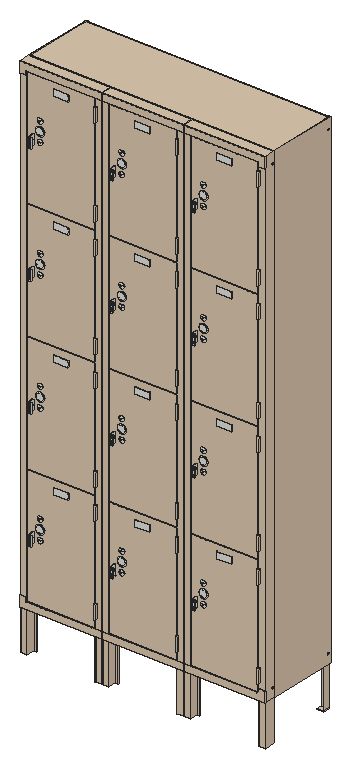
Revit family "Metal_Vented_Lockers-Salsbury_Industries-74000_Series-3_Wide_Units", category Specialty Equipment, Revit 2026 (continued)
Definition of nested family "Vents"
  Lines and regions (in)
    model lines
      curve 31: spline (-0.12218, 0, 57.67429) -> (-0.10447, 0, 57.64516) -> (-0.08514, 0, 57.62073) -> (-0.06447, 0, 57.60137) -> (-0.04279, 0, 57.58739) -> (-0.02043, 0, 57.57899) -> (0.00227, 0, 57.57632) -> (0.02496, 0, 57.5794) -> (0.04728, 0, 57.58819) -> (0.0689, 0, 57.60255) -> (0.08949, 0, 57.62227) -> (0.10872, 0, 57.64705) -> (0.1263, 0, 57.67649)
      curve 32: line (-0.12218, 0, 57.67429) -> (-0.3738, 0, 58.32638)
      curve 33: line (0.1263, 0, 57.67649) -> (0.37669, 0, 58.32565)
      curve 34: spline (-0.12232, 0, 58.97811) -> (-0.1046, 0, 59.0074) -> (-0.08525, 0, 59.03198) -> (-0.06455, 0, 59.05144) -> (-0.04284, 0, 59.0655) -> (-0.02044, 0, 59.07394) -> (0.00229, 0, 59.07663) -> (0.02501, 0, 59.07353) -> (0.04737, 0, 59.06468) -> (0.06902, 0, 59.05022) -> (0.08963, 0, 59.03038) -> (0.10888, 0, 59.00545) -> (0.12647, 0, 58.97583)
      curve 35: line (-0.12232, 0, 58.97811) -> (-0.3738, 0, 58.32638)
      curve 36: line (0.12647, 0, 58.97583) -> (0.37669, 0, 58.32565)
      curve 37: spline (-0.12218, 0, 55.93729) -> (-0.10447, 0, 55.90816) -> (-0.08514, 0, 55.88373) -> (-0.06447, 0, 55.86437) -> (-0.04279, 0, 55.85039) -> (-0.02043, 0, 55.84199) -> (0.00227, 0, 55.83932) -> (0.02496, 0, 55.8424) -> (0.04728, 0, 55.85119) -> (0.0689, 0, 55.86555) -> (0.08949, 0, 55.88527) -> (0.10872, 0, 55.91005) -> (0.1263, 0, 55.93949)
      curve 38: line (-0.12218, 0, 55.93729) -> (-0.3738, 0, 56.58938)
      curve 39: line (0.1263, 0, 55.93949) -> (0.37669, 0, 56.58865)
      curve 40: spline (-0.12232, 0, 57.24111) -> (-0.1046, 0, 57.2704) -> (-0.08525, 0, 57.29498) -> (-0.06455, 0, 57.31444) -> (-0.04284, 0, 57.3285) -> (-0.02044, 0, 57.33694) -> (0.00229, 0, 57.33963) -> (0.02501, 0, 57.33653) -> (0.04737, 0, 57.32768) -> (0.06902, 0, 57.31322) -> (0.08963, 0, 57.29338) -> (0.10888, 0, 57.26845) -> (0.12647, 0, 57.23883)
      curve 41: line (-0.12232, 0, 57.24111) -> (-0.3738, 0, 56.58938)
      curve 42: line (0.12647, 0, 57.23883) -> (0.37669, 0, 56.58865)
      curve 43: spline (-0.12218, 0, 54.20029) -> (-0.10447, 0, 54.17116) -> (-0.08514, 0, 54.14673) -> (-0.06447, 0, 54.12737) -> (-0.04279, 0, 54.11339) -> (-0.02043, 0, 54.10499) -> (0.00227, 0, 54.10232) -> (0.02496, 0, 54.1054) -> (0.04728, 0, 54.11419) -> (0.0689, 0, 54.12855) -> (0.08949, 0, 54.14827) -> (0.10872, 0, 54.17305) -> (0.1263, 0, 54.20249)
      curve 44: line (-0.12218, 0, 54.20029) -> (-0.3738, 0, 54.85238)
      curve 45: line (0.1263, 0, 54.20249) -> (0.37669, 0, 54.85165)
      curve 46: spline (-0.12232, 0, 55.50411) -> (-0.1046, 0, 55.5334) -> (-0.08525, 0, 55.55798) -> (-0.06455, 0, 55.57744) -> (-0.04284, 0, 55.5915) -> (-0.02044, 0, 55.59994) -> (0.00229, 0, 55.60263) -> (0.02501, 0, 55.59953) -> (0.04737, 0, 55.59068) -> (0.06902, 0, 55.57622) -> (0.08963, 0, 55.55638) -> (0.10888, 0, 55.53145) -> (0.12647, 0, 55.50183)
      curve 47: line (-0.12232, 0, 55.50411) -> (-0.3738, 0, 54.85238)
      curve 48: line (0.12647, 0, 55.50183) -> (0.37669, 0, 54.85165)
      curve 49: spline (-0.12218, 0, 52.46329) -> (-0.10447, 0, 52.43416) -> (-0.08514, 0, 52.40973) -> (-0.06447, 0, 52.39037) -> (-0.04279, 0, 52.37639) -> (-0.02043, 0, 52.36799) -> (0.00227, 0, 52.36532) -> (0.02496, 0, 52.3684) -> (0.04728, 0, 52.37719) -> (0.0689, 0, 52.39155) -> (0.08949, 0, 52.41127) -> (0.10872, 0, 52.43605) -> (0.1263, 0, 52.46549)
      curve 50: line (-0.12218, 0, 52.46329) -> (-0.3738, 0, 53.11538)
      curve 51: line (0.1263, 0, 52.46549) -> (0.37669, 0, 53.11465)
      curve 52: spline (-0.12232, 0, 53.76711) -> (-0.1046, 0, 53.7964) -> (-0.08525, 0, 53.82098) -> (-0.06455, 0, 53.84044) -> (-0.04284, 0, 53.8545) -> (-0.02044, 0, 53.86294) -> (0.00229, 0, 53.86563) -> (0.02501, 0, 53.86253) -> (0.04737, 0, 53.85368) -> (0.06902, 0, 53.83922) -> (0.08963, 0, 53.81938) -> (0.10888, 0, 53.79445) -> (0.12647, 0, 53.76483)
      curve 53: line (-0.12232, 0, 53.76711) -> (-0.3738, 0, 53.11538)
      curve 54: line (0.12647, 0, 53.76483) -> (0.37669, 0, 53.11465)
      curve 55: spline (-0.12218, 0, 50.72629) -> (-0.10447, 0, 50.69716) -> (-0.08514, 0, 50.67273) -> (-0.06447, 0, 50.65337) -> (-0.04279, 0, 50.63939) -> (-0.02043, 0, 50.63099) -> (0.00227, 0, 50.62832) -> (0.02496, 0, 50.6314) -> (0.04728, 0, 50.64019) -> (0.0689, 0, 50.65455) -> (0.08949, 0, 50.67427) -> (0.10872, 0, 50.69905) -> (0.1263, 0, 50.72849)
      curve 56: line (-0.12218, 0, 50.72629) -> (-0.3738, 0, 51.37838)
      curve 57: line (0.1263, 0, 50.72849) -> (0.37669, 0, 51.37765)
      curve 58: spline (-0.12232, 0, 52.03011) -> (-0.1046, 0, 52.0594) -> (-0.08525, 0, 52.08398) -> (-0.06455, 0, 52.10344) -> (-0.04284, 0, 52.1175) -> (-0.02044, 0, 52.12594) -> (0.00229, 0, 52.12863) -> (0.02501, 0, 52.12553) -> (0.04737, 0, 52.11668) -> (0.06902, 0, 52.10222) -> (0.08963, 0, 52.08238) -> (0.10888, 0, 52.05745) -> (0.12647, 0, 52.02783)
      curve 59: line (-0.12232, 0, 52.03011) -> (-0.3738, 0, 51.37838)
      curve 60: line (0.12647, 0, 52.02783) -> (0.37669, 0, 51.37765)
      curve 61: spline (-0.12218, 0, 48.98929) -> (-0.10447, 0, 48.96016) -> (-0.08514, 0, 48.93573) -> (-0.06447, 0, 48.91637) -> (-0.04279, 0, 48.90239) -> (-0.02043, 0, 48.89399) -> (0.00227, 0, 48.89132) -> (0.02496, 0, 48.8944) -> (0.04728, 0, 48.90319) -> (0.0689, 0, 48.91755) -> (0.08949, 0, 48.93727) -> (0.10872, 0, 48.96205) -> (0.1263, 0, 48.99149)
      curve 62: line (-0.12218, 0, 48.98929) -> (-0.3738, 0, 49.64138)
      curve 63: line (0.1263, 0, 48.99149) -> (0.37669, 0, 49.64065)
      curve 64: spline (-0.12232, 0, 50.29311) -> (-0.1046, 0, 50.3224) -> (-0.08525, 0, 50.34698) -> (-0.06455, 0, 50.36644) -> (-0.04284, 0, 50.3805) -> (-0.02044, 0, 50.38894) -> (0.00229, 0, 50.39163) -> (0.02501, 0, 50.38853) -> (0.04737, 0, 50.37968) -> (0.06902, 0, 50.36522) -> (0.08963, 0, 50.34538) -> (0.10888, 0, 50.32045) -> (0.12647, 0, 50.29083)
      curve 65: line (-0.12232, 0, 50.29311) -> (-0.3738, 0, 49.64138)
      curve 66: line (0.12647, 0, 50.29083) -> (0.37669, 0, 49.64065)
      curve 67: spline (-0.12218, 0, 47.25229) -> (-0.10447, 0, 47.22316) -> (-0.08514, 0, 47.19873) -> (-0.06447, 0, 47.17937) -> (-0.04279, 0, 47.16539) -> (-0.02043, 0, 47.15699) -> (0.00227, 0, 47.15432) -> (0.02496, 0, 47.1574) -> (0.04728, 0, 47.16619) -> (0.0689, 0, 47.18055) -> (0.08949, 0, 47.20027) -> (0.10872, 0, 47.22505) -> (0.1263, 0, 47.25449)
      curve 68: line (-0.12218, 0, 47.25229) -> (-0.3738, 0, 47.90438)
      curve 69: line (0.1263, 0, 47.25449) -> (0.37669, 0, 47.90365)
      curve 70: spline (-0.12232, 0, 48.55611) -> (-0.1046, 0, 48.5854) -> (-0.08525, 0, 48.60998) -> (-0.06455, 0, 48.62944) -> (-0.04284, 0, 48.6435) -> (-0.02044, 0, 48.65194) -> (0.00229, 0, 48.65463) -> (0.02501, 0, 48.65153) -> (0.04737, 0, 48.64268) -> (0.06902, 0, 48.62822) -> (0.08963, 0, 48.60838) -> (0.10888, 0, 48.58345) -> (0.12647, 0, 48.55383)
      curve 71: line (-0.12232, 0, 48.55611) -> (-0.3738, 0, 47.90438)
      curve 72: line (0.12647, 0, 48.55383) -> (0.37669, 0, 47.90365)
      curve 73: spline (-0.12218, 0, 45.51529) -> (-0.10447, 0, 45.48616) -> (-0.08514, 0, 45.46173) -> (-0.06447, 0, 45.44237) -> (-0.04279, 0, 45.42839) -> (-0.02043, 0, 45.41999) -> (0.00227, 0, 45.41732) -> (0.02496, 0, 45.4204) -> (0.04728, 0, 45.42919) -> (0.0689, 0, 45.44355) -> (0.08949, 0, 45.46327) -> (0.10872, 0, 45.48805) -> (0.1263, 0, 45.51749)
      curve 74: line (-0.12218, 0, 45.51529) -> (-0.3738, 0, 46.16738)
      curve 75: line (0.1263, 0, 45.51749) -> (0.37669, 0, 46.16665)
      curve 76: spline (-0.12232, 0, 46.81911) -> (-0.1046, 0, 46.8484) -> (-0.08525, 0, 46.87298) -> (-0.06455, 0, 46.89244) -> (-0.04284, 0, 46.9065) -> (-0.02044, 0, 46.91494) -> (0.00229, 0, 46.91763) -> (0.02501, 0, 46.91453) -> (0.04737, 0, 46.90568) -> (0.06902, 0, 46.89122) -> (0.08963, 0, 46.87138) -> (0.10888, 0, 46.84645) -> (0.12647, 0, 46.81683)
      curve 77: line (-0.12232, 0, 46.81911) -> (-0.3738, 0, 46.16738)
      curve 78: line (0.12647, 0, 46.81683) -> (0.37669, 0, 46.16665)
      curve 79: spline (-0.12218, 0, 43.77829) -> (-0.10447, 0, 43.74916) -> (-0.08514, 0, 43.72473) -> (-0.06447, 0, 43.70537) -> (-0.04279, 0, 43.69139) -> (-0.02043, 0, 43.68299) -> (0.00227, 0, 43.68032) -> (0.02496, 0, 43.6834) -> (0.04728, 0, 43.69219) -> (0.0689, 0, 43.70655) -> (0.08949, 0, 43.72627) -> (0.10872, 0, 43.75105) -> (0.1263, 0, 43.78049)
      curve 80: line (-0.12218, 0, 43.77829) -> (-0.3738, 0, 44.43038)
      curve 81: line (0.1263, 0, 43.78049) -> (0.37669, 0, 44.42965)
      curve 82: spline (-0.12232, 0, 45.08211) -> (-0.1046, 0, 45.1114) -> (-0.08525, 0, 45.13598) -> (-0.06455, 0, 45.15544) -> (-0.04284, 0, 45.1695) -> (-0.02044, 0, 45.17794) -> (0.00229, 0, 45.18063) -> (0.02501, 0, 45.17753) -> (0.04737, 0, 45.16868) -> (0.06902, 0, 45.15422) -> (0.08963, 0, 45.13438) -> (0.10888, 0, 45.10945) -> (0.12647, 0, 45.07983)
      curve 83: line (-0.12232, 0, 45.08211) -> (-0.3738, 0, 44.43038)
      curve 84: line (0.12647, 0, 45.07983) -> (0.37669, 0, 44.42965)
      curve 85: spline (-0.12218, 0, 42.04129) -> (-0.10447, 0, 42.01216) -> (-0.08514, 0, 41.98773) -> (-0.06447, 0, 41.96837) -> (-0.04279, 0, 41.95439) -> (-0.02043, 0, 41.94599) -> (0.00227, 0, 41.94332) -> (0.02496, 0, 41.9464) -> (0.04728, 0, 41.95519) -> (0.0689, 0, 41.96955) -> (0.08949, 0, 41.98927) -> (0.10872, 0, 42.01405) -> (0.1263, 0, 42.04349)
      curve 86: line (-0.12218, 0, 42.04129) -> (-0.3738, 0, 42.69338)
      curve 87: line (0.1263, 0, 42.04349) -> (0.37669, 0, 42.69265)
      curve 88: spline (-0.12232, 0, 43.34511) -> (-0.1046, 0, 43.3744) -> (-0.08525, 0, 43.39898) -> (-0.06455, 0, 43.41844) -> (-0.04284, 0, 43.4325) -> (-0.02044, 0, 43.44094) -> (0.00229, 0, 43.44363) -> (0.02501, 0, 43.44053) -> (0.04737, 0, 43.43168) -> (0.06902, 0, 43.41722) -> (0.08963, 0, 43.39738) -> (0.10888, 0, 43.37245) -> (0.12647, 0, 43.34283)
      curve 89: line (-0.12232, 0, 43.34511) -> (-0.3738, 0, 42.69338)
      curve 90: line (0.12647, 0, 43.34283) -> (0.37669, 0, 42.69265)
      curve 91: spline (-0.12218, 0, 40.30429) -> (-0.10447, 0, 40.27516) -> (-0.08514, 0, 40.25073) -> (-0.06447, 0, 40.23137) -> (-0.04279, 0, 40.21739) -> (-0.02043, 0, 40.20899) -> (0.00227, 0, 40.20632) -> (0.02496, 0, 40.2094) -> (0.04728, 0, 40.21819) -> (0.0689, 0, 40.23255) -> (0.08949, 0, 40.25227) -> (0.10872, 0, 40.27705) -> (0.1263, 0, 40.30649)
      curve 92: line (-0.12218, 0, 40.30429) -> (-0.3738, 0, 40.95638)
      curve 93: line (0.1263, 0, 40.30649) -> (0.37669, 0, 40.95565)
      curve 94: spline (-0.12232, 0, 41.60811) -> (-0.1046, 0, 41.6374) -> (-0.08525, 0, 41.66198) -> (-0.06455, 0, 41.68144) -> (-0.04284, 0, 41.6955) -> (-0.02044, 0, 41.70394) -> (0.00229, 0, 41.70663) -> (0.02501, 0, 41.70353) -> (0.04737, 0, 41.69468) -> (0.06902, 0, 41.68022) -> (0.08963, 0, 41.66038) -> (0.10888, 0, 41.63545) -> (0.12647, 0, 41.60583)
      curve 95: line (-0.12232, 0, 41.60811) -> (-0.3738, 0, 40.95638)
      curve 96: line (0.12647, 0, 41.60583) -> (0.37669, 0, 40.95565)
      curve 97: spline (-0.12218, 0, 38.56729) -> (-0.10447, 0, 38.53816) -> (-0.08514, 0, 38.51373) -> (-0.06447, 0, 38.49437) -> (-0.04279, 0, 38.48039) -> (-0.02043, 0, 38.47199) -> (0.00227, 0, 38.46932) -> (0.02496, 0, 38.4724) -> (0.04728, 0, 38.48119) -> (0.0689, 0, 38.49555) -> (0.08949, 0, 38.51527) -> (0.10872, 0, 38.54005) -> (0.1263, 0, 38.56949)
      curve 98: line (-0.12218, 0, 38.56729) -> (-0.3738, 0, 39.21938)
      curve 99: line (0.1263, 0, 38.56949) -> (0.37669, 0, 39.21865)
      curve 100: spline (-0.12232, 0, 39.87111) -> (-0.1046, 0, 39.9004) -> (-0.08525, 0, 39.92498) -> (-0.06455, 0, 39.94444) -> (-0.04284, 0, 39.9585) -> (-0.02044, 0, 39.96694) -> (0.00229, 0, 39.96963) -> (0.02501, 0, 39.96653) -> (0.04737, 0, 39.95768) -> (0.06902, 0, 39.94322) -> (0.08963, 0, 39.92338) -> (0.10888, 0, 39.89845) -> (0.12647, 0, 39.86883)
      curve 101: line (-0.12232, 0, 39.87111) -> (-0.3738, 0, 39.21938)
      curve 102: line (0.12647, 0, 39.86883) -> (0.37669, 0, 39.21865)
      curve 103: spline (-0.12218, 0, 36.83029) -> (-0.10447, 0, 36.80116) -> (-0.08514, 0, 36.77673) -> (-0.06447, 0, 36.75737) -> (-0.04279, 0, 36.74339) -> (-0.02043, 0, 36.73499) -> (0.00227, 0, 36.73232) -> (0.02496, 0, 36.7354) -> (0.04728, 0, 36.74419) -> (0.0689, 0, 36.75855) -> (0.08949, 0, 36.77827) -> (0.10872, 0, 36.80305) -> (0.1263, 0, 36.83249)
      curve 104: line (-0.12218, 0, 36.83029) -> (-0.3738, 0, 37.48238)
      curve 105: line (0.1263, 0, 36.83249) -> (0.37669, 0, 37.48165)
      curve 106: spline (-0.12232, 0, 38.13411) -> (-0.1046, 0, 38.1634) -> (-0.08525, 0, 38.18798) -> (-0.06455, 0, 38.20744) -> (-0.04284, 0, 38.2215) -> (-0.02044, 0, 38.22994) -> (0.00229, 0, 38.23263) -> (0.02501, 0, 38.22953) -> (0.04737, 0, 38.22068) -> (0.06902, 0, 38.20622) -> (0.08963, 0, 38.18638) -> (0.10888, 0, 38.16145) -> (0.12647, 0, 38.13183)
      curve 107: line (-0.12232, 0, 38.13411) -> (-0.3738, 0, 37.48238)
      curve 108: line (0.12647, 0, 38.13183) -> (0.37669, 0, 37.48165)
      curve 109: spline (-0.12218, 0, 35.09329) -> (-0.10447, 0, 35.06416) -> (-0.08514, 0, 35.03973) -> (-0.06447, 0, 35.02037) -> (-0.04279, 0, 35.00639) -> (-0.02043, 0, 34.99799) -> (0.00227, 0, 34.99532) -> (0.02496, 0, 34.9984) -> (0.04728, 0, 35.00719) -> (0.0689, 0, 35.02155) -> (0.08949, 0, 35.04127) -> (0.10872, 0, 35.06605) -> (0.1263, 0, 35.09549)
      curve 110: line (-0.12218, 0, 35.09329) -> (-0.3738, 0, 35.74538)
      curve 111: line (0.1263, 0, 35.09549) -> (0.37669, 0, 35.74465)
      curve 112: spline (-0.12232, 0, 36.39711) -> (-0.1046, 0, 36.4264) -> (-0.08525, 0, 36.45098) -> (-0.06455, 0, 36.47044) -> (-0.04284, 0, 36.4845) -> (-0.02044, 0, 36.49294) -> (0.00229, 0, 36.49563) -> (0.02501, 0, 36.49253) -> (0.04737, 0, 36.48368) -> (0.06902, 0, 36.46922) -> (0.08963, 0, 36.44938) -> (0.10888, 0, 36.42445) -> (0.12647, 0, 36.39483)
      curve 113: line (-0.12232, 0, 36.39711) -> (-0.3738, 0, 35.74538)
      curve 114: line (0.12647, 0, 36.39483) -> (0.37669, 0, 35.74465)
      curve 115: spline (-0.12218, 0, 33.35629) -> (-0.10447, 0, 33.32716) -> (-0.08514, 0, 33.30273) -> (-0.06447, 0, 33.28337) -> (-0.04279, 0, 33.26939) -> (-0.02043, 0, 33.26099) -> (0.00227, 0, 33.25832) -> (0.02496, 0, 33.2614) -> (0.04728, 0, 33.27019) -> (0.0689, 0, 33.28455) -> (0.08949, 0, 33.30427) -> (0.10872, 0, 33.32905) -> (0.1263, 0, 33.35849)
      curve 116: line (-0.12218, 0, 33.35629) -> (-0.3738, 0, 34.00838)
      curve 117: line (0.1263, 0, 33.35849) -> (0.37669, 0, 34.00765)
      curve 118: spline (-0.12232, 0, 34.66011) -> (-0.1046, 0, 34.6894) -> (-0.08525, 0, 34.71398) -> (-0.06455, 0, 34.73344) -> (-0.04284, 0, 34.7475) -> (-0.02044, 0, 34.75594) -> (0.00229, 0, 34.75863) -> (0.02501, 0, 34.75553) -> (0.04737, 0, 34.74668) -> (0.06902, 0, 34.73222) -> (0.08963, 0, 34.71238) -> (0.10888, 0, 34.68745) -> (0.12647, 0, 34.65783)
      curve 119: line (-0.12232, 0, 34.66011) -> (-0.3738, 0, 34.00838)
      curve 120: line (0.12647, 0, 34.65783) -> (0.37669, 0, 34.00765)
      curve 121: spline (-0.12218, 0, 31.61929) -> (-0.10447, 0, 31.59016) -> (-0.08514, 0, 31.56573) -> (-0.06447, 0, 31.54637) -> (-0.04279, 0, 31.53239) -> (-0.02043, 0, 31.52399) -> (0.00227, 0, 31.52132) -> (0.02496, 0, 31.5244) -> (0.04728, 0, 31.53319) -> (0.0689, 0, 31.54755) -> (0.08949, 0, 31.56727) -> (0.10872, 0, 31.59205) -> (0.1263, 0, 31.62149)
      curve 122: line (-0.12218, 0, 31.61929) -> (-0.3738, 0, 32.27138)
      curve 123: line (0.1263, 0, 31.62149) -> (0.37669, 0, 32.27065)
      curve 124: spline (-0.12232, 0, 32.92311) -> (-0.1046, 0, 32.9524) -> (-0.08525, 0, 32.97698) -> (-0.06455, 0, 32.99644) -> (-0.04284, 0, 33.0105) -> (-0.02044, 0, 33.01894) -> (0.00229, 0, 33.02163) -> (0.02501, 0, 33.01853) -> (0.04737, 0, 33.00968) -> (0.06902, 0, 32.99522) -> (0.08963, 0, 32.97538) -> (0.10888, 0, 32.95045) -> (0.12647, 0, 32.92083)
      curve 125: line (-0.12232, 0, 32.92311) -> (-0.3738, 0, 32.27138)
      curve 126: line (0.12647, 0, 32.92083) -> (0.37669, 0, 32.27065)
      curve 127: spline (-0.12218, 0, 29.88229) -> (-0.10447, 0, 29.85316) -> (-0.08514, 0, 29.82873) -> (-0.06447, 0, 29.80937) -> (-0.04279, 0, 29.79539) -> (-0.02043, 0, 29.78699) -> (0.00227, 0, 29.78432) -> (0.02496, 0, 29.7874) -> (0.04728, 0, 29.79619) -> (0.0689, 0, 29.81055) -> (0.08949, 0, 29.83027) -> (0.10872, 0, 29.85505) -> (0.1263, 0, 29.88449)
      curve 128: line (-0.12218, 0, 29.88229) -> (-0.3738, 0, 30.53438)
      curve 129: line (0.1263, 0, 29.88449) -> (0.37669, 0, 30.53365)
      curve 130: spline (-0.12232, 0, 31.18611) -> (-0.1046, 0, 31.2154) -> (-0.08525, 0, 31.23998) -> (-0.06455, 0, 31.25944) -> (-0.04284, 0, 31.2735) -> (-0.02044, 0, 31.28194) -> (0.00229, 0, 31.28463) -> (0.02501, 0, 31.28153) -> (0.04737, 0, 31.27268) -> (0.06902, 0, 31.25822) -> (0.08963, 0, 31.23838) -> (0.10888, 0, 31.21345) -> (0.12647, 0, 31.18383)
      curve 131: line (-0.12232, 0, 31.18611) -> (-0.3738, 0, 30.53438)
      curve 132: line (0.12647, 0, 31.18383) -> (0.37669, 0, 30.53365)
      curve 133: spline (-0.12218, 0, 28.14529) -> (-0.10447, 0, 28.11616) -> (-0.08514, 0, 28.09173) -> (-0.06447, 0, 28.07237) -> (-0.04279, 0, 28.05839) -> (-0.02043, 0, 28.04999) -> (0.00227, 0, 28.04732) -> (0.02496, 0, 28.0504) -> (0.04728, 0, 28.05919) -> (0.0689, 0, 28.07355) -> (0.08949, 0, 28.09327) -> (0.10872, 0, 28.11805) -> (0.1263, 0, 28.14749)
      curve 134: line (-0.12218, 0, 28.14529) -> (-0.3738, 0, 28.79738)
      curve 135: line (0.1263, 0, 28.14749) -> (0.37669, 0, 28.79665)
      curve 136: spline (-0.12232, 0, 29.44911) -> (-0.1046, 0, 29.4784) -> (-0.08525, 0, 29.50298) -> (-0.06455, 0, 29.52244) -> (-0.04284, 0, 29.5365) -> (-0.02044, 0, 29.54494) -> (0.00229, 0, 29.54763) -> (0.02501, 0, 29.54453) -> (0.04737, 0, 29.53568) -> (0.06902, 0, 29.52122) -> (0.08963, 0, 29.50138) -> (0.10888, 0, 29.47645) -> (0.12647, 0, 29.44683)
      curve 137: line (-0.12232, 0, 29.44911) -> (-0.3738, 0, 28.79738)
      curve 138: line (0.12647, 0, 29.44683) -> (0.37669, 0, 28.79665)
      curve 139: spline (-0.12218, 0, 26.40829) -> (-0.10447, 0, 26.37916) -> (-0.08514, 0, 26.35473) -> (-0.06447, 0, 26.33537) -> (-0.04279, 0, 26.32139) -> (-0.02043, 0, 26.31299) -> (0.00227, 0, 26.31032) -> (0.02496, 0, 26.3134) -> (0.04728, 0, 26.32219) -> (0.0689, 0, 26.33655) -> (0.08949, 0, 26.35627) -> (0.10872, 0, 26.38105) -> (0.1263, 0, 26.41049)
      curve 140: line (-0.12218, 0, 26.40829) -> (-0.3738, 0, 27.06038)
      curve 141: line (0.1263, 0, 26.41049) -> (0.37669, 0, 27.05965)
      curve 142: spline (-0.12232, 0, 27.71211) -> (-0.1046, 0, 27.7414) -> (-0.08525, 0, 27.76598) -> (-0.06455, 0, 27.78544) -> (-0.04284, 0, 27.7995) -> (-0.02044, 0, 27.80794) -> (0.00229, 0, 27.81063) -> (0.02501, 0, 27.80753) -> (0.04737, 0, 27.79868) -> (0.06902, 0, 27.78422) -> (0.08963, 0, 27.76438) -> (0.10888, 0, 27.73945) -> (0.12647, 0, 27.70983)
      curve 143: line (-0.12232, 0, 27.71211) -> (-0.3738, 0, 27.06038)
      curve 144: line (0.12647, 0, 27.70983) -> (0.37669, 0, 27.05965)
      curve 145: spline (-0.12218, 0, 24.67129) -> (-0.10447, 0, 24.64216) -> (-0.08514, 0, 24.61773) -> (-0.06447, 0, 24.59837) -> (-0.04279, 0, 24.58439) -> (-0.02043, 0, 24.57599) -> (0.00227, 0, 24.57332) -> (0.02496, 0, 24.5764) -> (0.04728, 0, 24.58519) -> (0.0689, 0, 24.59955) -> (0.08949, 0, 24.61927) -> (0.10872, 0, 24.64405) -> (0.1263, 0, 24.67349)
      curve 146: line (-0.12218, 0, 24.67129) -> (-0.3738, 0, 25.32338)
      curve 147: line (0.1263, 0, 24.67349) -> (0.37669, 0, 25.32265)
      curve 148: spline (-0.12232, 0, 25.97511) -> (-0.1046, 0, 26.0044) -> (-0.08525, 0, 26.02898) -> (-0.06455, 0, 26.04844) -> (-0.04284, 0, 26.0625) -> (-0.02044, 0, 26.07094) -> (0.00229, 0, 26.07363) -> (0.02501, 0, 26.07053) -> (0.04737, 0, 26.06168) -> (0.06902, 0, 26.04722) -> (0.08963, 0, 26.02738) -> (0.10888, 0, 26.00245) -> (0.12647, 0, 25.97283)
      curve 149: line (-0.12232, 0, 25.97511) -> (-0.3738, 0, 25.32338)
      curve 150: line (0.12647, 0, 25.97283) -> (0.37669, 0, 25.32265)
      curve 151: spline (-0.12218, 0, 22.93429) -> (-0.10447, 0, 22.90516) -> (-0.08514, 0, 22.88073) -> (-0.06447, 0, 22.86137) -> (-0.04279, 0, 22.84739) -> (-0.02043, 0, 22.83899) -> (0.00227, 0, 22.83632) -> (0.02496, 0, 22.8394) -> (0.04728, 0, 22.84819) -> (0.0689, 0, 22.86255) -> (0.08949, 0, 22.88227) -> (0.10872, 0, 22.90705) -> (0.1263, 0, 22.93649)
      curve 152: line (-0.12218, 0, 22.93429) -> (-0.3738, 0, 23.58638)
      curve 153: line (0.1263, 0, 22.93649) -> (0.37669, 0, 23.58565)
      curve 154: spline (-0.12232, 0, 24.23811) -> (-0.1046, 0, 24.2674) -> (-0.08525, 0, 24.29198) -> (-0.06455, 0, 24.31144) -> (-0.04284, 0, 24.3255) -> (-0.02044, 0, 24.33394) -> (0.00229, 0, 24.33663) -> (0.02501, 0, 24.33353) -> (0.04737, 0, 24.32468) -> (0.06902, 0, 24.31022) -> (0.08963, 0, 24.29038) -> (0.10888, 0, 24.26545) -> (0.12647, 0, 24.23583)
      curve 155: line (-0.12232, 0, 24.23811) -> (-0.3738, 0, 23.58638)
      curve 156: line (0.12647, 0, 24.23583) -> (0.37669, 0, 23.58565)
      curve 157: spline (-0.12218, 0, 21.19729) -> (-0.10447, 0, 21.16816) -> (-0.08514, 0, 21.14373) -> (-0.06447, 0, 21.12437) -> (-0.04279, 0, 21.11039) -> (-0.02043, 0, 21.10199) -> (0.00227, 0, 21.09932) -> (0.02496, 0, 21.1024) -> (0.04728, 0, 21.11119) -> (0.0689, 0, 21.12555) -> (0.08949, 0, 21.14527) -> (0.10872, 0, 21.17005) -> (0.1263, 0, 21.19949)
      curve 158: line (-0.12218, 0, 21.19729) -> (-0.3738, 0, 21.84938)
      curve 159: line (0.1263, 0, 21.19949) -> (0.37669, 0, 21.84865)
      curve 160: spline (-0.12232, 0, 22.50111) -> (-0.1046, 0, 22.5304) -> (-0.08525, 0, 22.55498) -> (-0.06455, 0, 22.57444) -> (-0.04284, 0, 22.5885) -> (-0.02044, 0, 22.59694) -> (0.00229, 0, 22.59963) -> (0.02501, 0, 22.59653) -> (0.04737, 0, 22.58768) -> (0.06902, 0, 22.57322) -> (0.08963, 0, 22.55338) -> (0.10888, 0, 22.52845) -> (0.12647, 0, 22.49883)
      curve 161: line (-0.12232, 0, 22.50111) -> (-0.3738, 0, 21.84938)
      curve 162: line (0.12647, 0, 22.49883) -> (0.37669, 0, 21.84865)
      curve 163: spline (-0.12218, 0, 19.46029) -> (-0.10447, 0, 19.43116) -> (-0.08514, 0, 19.40673) -> (-0.06447, 0, 19.38737) -> (-0.04279, 0, 19.37339) -> (-0.02043, 0, 19.36499) -> (0.00227, 0, 19.36232) -> (0.02496, 0, 19.3654) -> (0.04728, 0, 19.37419) -> (0.0689, 0, 19.38855) -> (0.08949, 0, 19.40827) -> (0.10872, 0, 19.43305) -> (0.1263, 0, 19.46249)
      curve 164: line (-0.12218, 0, 19.46029) -> (-0.3738, 0, 20.11238)
      curve 165: line (0.1263, 0, 19.46249) -> (0.37669, 0, 20.11165)
      curve 166: spline (-0.12232, 0, 20.76411) -> (-0.1046, 0, 20.7934) -> (-0.08525, 0, 20.81798) -> (-0.06455, 0, 20.83744) -> (-0.04284, 0, 20.8515) -> (-0.02044, 0, 20.85994) -> (0.00229, 0, 20.86263) -> (0.02501, 0, 20.85953) -> (0.04737, 0, 20.85068) -> (0.06902, 0, 20.83622) -> (0.08963, 0, 20.81638) -> (0.10888, 0, 20.79145) -> (0.12647, 0, 20.76183)
      curve 167: line (-0.12232, 0, 20.76411) -> (-0.3738, 0, 20.11238)
      curve 168: line (0.12647, 0, 20.76183) -> (0.37669, 0, 20.11165)
      curve 197: spline (-0.12218, 0, 17.72329) -> (-0.10447, 0, 17.69416) -> (-0.08514, 0, 17.66973) -> (-0.06447, 0, 17.65037) -> (-0.04279, 0, 17.63639) -> (-0.02043, 0, 17.62799) -> (0.00227, 0, 17.62532) -> (0.02496, 0, 17.6284) -> (0.04728, 0, 17.63719) -> (0.0689, 0, 17.65155) -> (0.08949, 0, 17.67127) -> (0.10872, 0, 17.69605) -> (0.1263, 0, 17.72549)
      curve 198: line (-0.12218, 0, 17.72329) -> (-0.3738, 0, 18.37538)
      curve 199: line (0.1263, 0, 17.72549) -> (0.37669, 0, 18.37465)
      curve 200: spline (-0.12232, 0, 19.02711) -> (-0.1046, 0, 19.0564) -> (-0.08525, 0, 19.08098) -> (-0.06455, 0, 19.10044) -> (-0.04284, 0, 19.1145) -> (-0.02044, 0, 19.12294) -> (0.00229, 0, 19.12563) -> (0.02501, 0, 19.12253) -> (0.04737, 0, 19.11368) -> (0.06902, 0, 19.09922) -> (0.08963, 0, 19.07938) -> (0.10888, 0, 19.05445) -> (0.12647, 0, 19.02483)
      curve 201: line (-0.12232, 0, 19.02711) -> (-0.3738, 0, 18.37538)
      curve 202: line (0.12647, 0, 19.02483) -> (0.37669, 0, 18.37465)
      curve 204: spline (-0.12218, 0, 15.98629) -> (-0.10447, 0, 15.95716) -> (-0.08514, 0, 15.93273) -> (-0.06447, 0, 15.91337) -> (-0.04279, 0, 15.89939) -> (-0.02043, 0, 15.89099) -> (0.00227, 0, 15.88832) -> (0.02496, 0, 15.8914) -> (0.04728, 0, 15.90019) -> (0.0689, 0, 15.91455) -> (0.08949, 0, 15.93427) -> (0.10872, 0, 15.95905) -> (0.1263, 0, 15.98849)
      curve 205: line (-0.12218, 0, 15.98629) -> (-0.3738, 0, 16.63838)
      curve 206: line (0.1263, 0, 15.98849) -> (0.37669, 0, 16.63765)
      curve 207: spline (-0.12232, 0, 17.29011) -> (-0.1046, 0, 17.3194) -> (-0.08525, 0, 17.34398) -> (-0.06455, 0, 17.36344) -> (-0.04284, 0, 17.3775) -> (-0.02044, 0, 17.38594) -> (0.00229, 0, 17.38863) -> (0.02501, 0, 17.38553) -> (0.04737, 0, 17.37668) -> (0.06902, 0, 17.36222) -> (0.08963, 0, 17.34238) -> (0.10888, 0, 17.31745) -> (0.12647, 0, 17.28783)
      curve 208: line (-0.12232, 0, 17.29011) -> (-0.3738, 0, 16.63838)
      curve 209: line (0.12647, 0, 17.28783) -> (0.37669, 0, 16.63765)
      curve 211: spline (-0.12218, 0, 14.24929) -> (-0.10447, 0, 14.22016) -> (-0.08514, 0, 14.19573) -> (-0.06447, 0, 14.17637) -> (-0.04279, 0, 14.16239) -> (-0.02043, 0, 14.15399) -> (0.00227, 0, 14.15132) -> (0.02496, 0, 14.1544) -> (0.04728, 0, 14.16319) -> (0.0689, 0, 14.17755) -> (0.08949, 0, 14.19727) -> (0.10872, 0, 14.22205) -> (0.1263, 0, 14.25149)
      curve 212: line (-0.12218, 0, 14.24929) -> (-0.3738, 0, 14.90138)
      curve 213: line (0.1263, 0, 14.25149) -> (0.37669, 0, 14.90065)
      curve 214: spline (-0.12232, 0, 15.55311) -> (-0.1046, 0, 15.5824) -> (-0.08525, 0, 15.60698) -> (-0.06455, 0, 15.62644) -> (-0.04284, 0, 15.6405) -> (-0.02044, 0, 15.64894) -> (0.00229, 0, 15.65163) -> (0.02501, 0, 15.64853) -> (0.04737, 0, 15.63968) -> (0.06902, 0, 15.62522) -> (0.08963, 0, 15.60538) -> (0.10888, 0, 15.58045) -> (0.12647, 0, 15.55083)
      curve 215: line (-0.12232, 0, 15.55311) -> (-0.3738, 0, 14.90138)
      curve 216: line (0.12647, 0, 15.55083) -> (0.37669, 0, 14.90065)
      curve 218: spline (-0.12218, 0, 12.51229) -> (-0.10447, 0, 12.48316) -> (-0.08514, 0, 12.45873) -> (-0.06447, 0, 12.43937) -> (-0.04279, 0, 12.42539) -> (-0.02043, 0, 12.41699) -> (0.00227, 0, 12.41432) -> (0.02496, 0, 12.4174) -> (0.04728, 0, 12.42619) -> (0.0689, 0, 12.44055) -> (0.08949, 0, 12.46027) -> (0.10872, 0, 12.48505) -> (0.1263, 0, 12.51449)
      curve 219: line (-0.12218, 0, 12.51229) -> (-0.3738, 0, 13.16438)
      curve 220: line (0.1263, 0, 12.51449) -> (0.37669, 0, 13.16365)
      curve 221: spline (-0.12232, 0, 13.81611) -> (-0.1046, 0, 13.8454) -> (-0.08525, 0, 13.86998) -> (-0.06455, 0, 13.88944) -> (-0.04284, 0, 13.9035) -> (-0.02044, 0, 13.91194) -> (0.00229, 0, 13.91463) -> (0.02501, 0, 13.91153) -> (0.04737, 0, 13.90268) -> (0.06902, 0, 13.88822) -> (0.08963, 0, 13.86838) -> (0.10888, 0, 13.84345) -> (0.12647, 0, 13.81383)
      curve 222: line (-0.12232, 0, 13.81611) -> (-0.3738, 0, 13.16438)
      curve 223: line (0.12647, 0, 13.81383) -> (0.37669, 0, 13.16365)
      curve 225: spline (-0.12218, 0, 10.77529) -> (-0.10447, 0, 10.74616) -> (-0.08514, 0, 10.72173) -> (-0.06447, 0, 10.70237) -> (-0.04279, 0, 10.68839) -> (-0.02043, 0, 10.67999) -> (0.00227, 0, 10.67732) -> (0.02496, 0, 10.6804) -> (0.04728, 0, 10.68919) -> (0.0689, 0, 10.70355) -> (0.08949, 0, 10.72327) -> (0.10872, 0, 10.74805) -> (0.1263, 0, 10.77749)
      curve 226: line (-0.12218, 0, 10.77529) -> (-0.3738, 0, 11.42738)
      curve 227: line (0.1263, 0, 10.77749) -> (0.37669, 0, 11.42665)
      curve 228: spline (-0.12232, 0, 12.07911) -> (-0.1046, 0, 12.1084) -> (-0.08525, 0, 12.13298) -> (-0.06455, 0, 12.15244) -> (-0.04284, 0, 12.1665) -> (-0.02044, 0, 12.17494) -> (0.00229, 0, 12.17763) -> (0.02501, 0, 12.17453) -> (0.04737, 0, 12.16568) -> (0.06902, 0, 12.15122) -> (0.08963, 0, 12.13138) -> (0.10888, 0, 12.10645) -> (0.12647, 0, 12.07683)
      curve 229: line (-0.12232, 0, 12.07911) -> (-0.3738, 0, 11.42738)
      curve 230: line (0.12647, 0, 12.07683) -> (0.37669, 0, 11.42665)
      curve 232: spline (-0.12218, 0, 9.03829) -> (-0.10447, 0, 9.00916) -> (-0.08514, 0, 8.98473) -> (-0.06447, 0, 8.96537) -> (-0.04279, 0, 8.95139) -> (-0.02043, 0, 8.94299) -> (0.00227, 0, 8.94032) -> (0.02496, 0, 8.9434) -> (0.04728, 0, 8.95219) -> (0.0689, 0, 8.96655) -> (0.08949, 0, 8.98627) -> (0.10872, 0, 9.01105) -> (0.1263, 0, 9.04049)
      curve 233: line (-0.12218, 0, 9.03829) -> (-0.3738, 0, 9.69038)
      curve 234: line (0.1263, 0, 9.04049) -> (0.37669, 0, 9.68965)
      curve 235: spline (-0.12232, 0, 10.34211) -> (-0.1046, 0, 10.3714) -> (-0.08525, 0, 10.39598) -> (-0.06455, 0, 10.41544) -> (-0.04284, 0, 10.4295) -> (-0.02044, 0, 10.43794) -> (0.00229, 0, 10.44063) -> (0.02501, 0, 10.43753) -> (0.04737, 0, 10.42868) -> (0.06902, 0, 10.41422) -> (0.08963, 0, 10.39438) -> (0.10888, 0, 10.36945) -> (0.12647, 0, 10.33983)
      curve 236: line (-0.12232, 0, 10.34211) -> (-0.3738, 0, 9.69038)
      curve 237: line (0.12647, 0, 10.33983) -> (0.37669, 0, 9.68965)
      curve 239: spline (-0.12218, 0, 7.30129) -> (-0.10447, 0, 7.27216) -> (-0.08514, 0, 7.24773) -> (-0.06447, 0, 7.22837) -> (-0.04279, 0, 7.21439) -> (-0.02043, 0, 7.20599) -> (0.00227, 0, 7.20332) -> (0.02496, 0, 7.2064) -> (0.04728, 0, 7.21519) -> (0.0689, 0, 7.22955) -> (0.08949, 0, 7.24927) -> (0.10872, 0, 7.27405) -> (0.1263, 0, 7.30349)
      curve 240: line (-0.12218, 0, 7.30129) -> (-0.3738, 0, 7.95338)
      curve 241: line (0.1263, 0, 7.30349) -> (0.37669, 0, 7.95265)
      curve 242: spline (-0.12232, 0, 8.60511) -> (-0.1046, 0, 8.6344) -> (-0.08525, 0, 8.65898) -> (-0.06455, 0, 8.67844) -> (-0.04284, 0, 8.6925) -> (-0.02044, 0, 8.70094) -> (0.00229, 0, 8.70363) -> (0.02501, 0, 8.70053) -> (0.04737, 0, 8.69168) -> (0.06902, 0, 8.67722) -> (0.08963, 0, 8.65738) -> (0.10888, 0, 8.63245) -> (0.12647, 0, 8.60283)
      curve 243: line (-0.12232, 0, 8.60511) -> (-0.3738, 0, 7.95338)
      curve 244: line (0.12647, 0, 8.60283) -> (0.37669, 0, 7.95265)
      curve 246: spline (-0.12218, 0, 5.56429) -> (-0.10447, 0, 5.53516) -> (-0.08514, 0, 5.51073) -> (-0.06447, 0, 5.49137) -> (-0.04279, 0, 5.47739) -> (-0.02043, 0, 5.46899) -> (0.00227, 0, 5.46632) -> (0.02496, 0, 5.4694) -> (0.04728, 0, 5.47819) -> (0.0689, 0, 5.49255) -> (0.08949, 0, 5.51227) -> (0.10872, 0, 5.53705) -> (0.1263, 0, 5.56649)
      curve 247: line (-0.12218, 0, 5.56429) -> (-0.3738, 0, 6.21638)
      curve 248: line (0.1263, 0, 5.56649) -> (0.37669, 0, 6.21565)
      curve 249: spline (-0.12232, 0, 6.86811) -> (-0.1046, 0, 6.8974) -> (-0.08525, 0, 6.92198) -> (-0.06455, 0, 6.94144) -> (-0.04284, 0, 6.9555) -> (-0.02044, 0, 6.96394) -> (0.00229, 0, 6.96663) -> (0.02501, 0, 6.96353) -> (0.04737, 0, 6.95468) -> (0.06902, 0, 6.94022) -> (0.08963, 0, 6.92038) -> (0.10888, 0, 6.89545) -> (0.12647, 0, 6.86583)
      curve 250: line (-0.12232, 0, 6.86811) -> (-0.3738, 0, 6.21638)
      curve 251: line (0.12647, 0, 6.86583) -> (0.37669, 0, 6.21565)
    reference lines
      curve 169: line (-0.37307, 0, 67.00949) -> (0.37714, 0, 67.00949)
      curve 170: line (-0.37307, 0, 65.27249) -> (0.37714, 0, 65.27249)
      curve 171: line (-0.37307, 0, 63.53549) -> (0.37714, 0, 63.53549)
      curve 172: line (-0.37307, 0, 61.79849) -> (0.37714, 0, 61.79849)
      curve 173: line (-0.37307, 0, 60.06149) -> (0.37714, 0, 60.06149)
      curve 174: line (-0.37307, 0, 58.32449) -> (0.37714, 0, 58.32449)
      curve 175: line (-0.37307, 0, 56.58749) -> (0.37714, 0, 56.58749)
      curve 176: line (-0.37307, 0, 54.85049) -> (0.37714, 0, 54.85049)
      curve 177: line (-0.37307, 0, 53.11349) -> (0.37714, 0, 53.11349)
      curve 178: line (-0.37307, 0, 51.37649) -> (0.37714, 0, 51.37649)
      curve 179: line (-0.37307, 0, 49.63949) -> (0.37714, 0, 49.63949)
      curve 180: line (-0.37307, 0, 47.90249) -> (0.37714, 0, 47.90249)
      curve 181: line (-0.37307, 0, 46.16549) -> (0.37714, 0, 46.16549)
      curve 182: line (-0.37307, 0, 44.42849) -> (0.37714, 0, 44.42849)
      curve 183: line (-0.37307, 0, 42.69149) -> (0.37714, 0, 42.69149)
      curve 184: line (-0.37307, 0, 40.95449) -> (0.37714, 0, 40.95449)
      curve 185: line (-0.37307, 0, 39.21749) -> (0.37714, 0, 39.21749)
      curve 186: line (-0.37307, 0, 37.48049) -> (0.37714, 0, 37.48049)
      curve 187: line (-0.37307, 0, 35.74349) -> (0.37714, 0, 35.74349)
      curve 188: line (-0.37307, 0, 34.00649) -> (0.37714, 0, 34.00649)
      curve 189: line (-0.37307, 0, 32.26949) -> (0.37714, 0, 32.26949)
      curve 190: line (-0.37307, 0, 30.53249) -> (0.37714, 0, 30.53249)
      curve 191: line (-0.37307, 0, 28.79549) -> (0.37714, 0, 28.79549)
      curve 192: line (-0.37307, 0, 27.05849) -> (0.37714, 0, 27.05849)
      curve 193: line (-0.37307, 0, 25.32149) -> (0.37714, 0, 25.32149)
      curve 194: line (-0.37307, 0, 23.58449) -> (0.37714, 0, 23.58449)
      curve 195: line (-0.37307, 0, 21.84749) -> (0.37714, 0, 21.84749)
      curve 196: line (-0.37307, 0, 20.11049) -> (0.37714, 0, 20.11049)
      curve 203: line (-0.37307, 0, 18.37349) -> (0.37714, 0, 18.37349)
      curve 210: line (-0.37307, 0, 16.63649) -> (0.37714, 0, 16.63649)
      curve 217: line (-0.37307, 0, 14.89949) -> (0.37714, 0, 14.89949)
      curve 224: line (-0.37307, 0, 13.16249) -> (0.37714, 0, 13.16249)
      curve 231: line (-0.37307, 0, 11.42549) -> (0.37714, 0, 11.42549)
      curve 238: line (-0.37307, 0, 9.68849) -> (0.37714, 0, 9.68849)
      curve 245: line (-0.37307, 0, 7.95149) -> (0.37714, 0, 7.95149)
      curve 252: line (-0.37307, 0, 6.21449) -> (0.37714, 0, 6.21449)
  Dimensions and locks (in)
    equal spacing: group 1, group 2, group 3, group 4, group 5, group 6, group 7, group 8, group 9, group 10, group 11, group 12, group 13, group 14, group 15, group 16, group 17, group 18, group 19, group 20, group 21, group 22, group 23, group 24, group 25, group 26, group 27, group 28, group 29, group 30, group 31, group 32, group 33, group 34, group 35, group 36  (x2)
    equal spacing: group 36, group 35, group 34, group 33, group 32, group 31, group 30, group 29, group 28, group 27, group 26, group 25, group 24, group 23, group 22, group 21, group 20, group 19, group 18, group 17, group 16, group 15, group 14, group 13, group 12, group 11, group 10, group 9, group 8, group 7, group 6, group 5, group 4, group 3, group 2, group 1
    aligned and locked: level to plane 2
Types (18): name | Zee Base | Vent Offset | Vent Configuration Height | Vent Array 2 | Vent Array 1 | Unit Height including Sloping Hood Only | Unit Height | Total Door(s) Height | Sloping Hood Height | Compartment Divider Height | Primary Structure Material | Unit Height including Base Only | Overall Unit Height (including Base and Sloping Hood) | OmniClass 23 Title | Model | Individual Door Height | Hasp Plate Rivet Material | Individual Door Width | Door Location D1 | Description | Depth | Base Height | Standard Leg Base
  74362 - with Standard 6" High Legs | Metal Locker Zee Base - 3 Wide : None | 3.250" | Vents : 6 foot high vents | 5 | 6 | 78.625" | 72.000" | 69.81949" | 6.625" | 16.985" | Steel - Salsbury Finish = Tan | 78.000" | 84.625" | "Equipment and Furnishings" | "74362" | 17.360" | Steel -Salsbury Finish =  Polished Steel | 33.90055" | Vented Metal Locker Doors-12 inch with Latch Hasps : Four Tier Door - 6 foot | "3 Wide - 6 Feet High - 12 Inches Deep" | 12.010" | 6.000" | Metal Locker Legs - 3 Wide : 6" High - 36" W x 12" D
  74365 - with Standard 6" High Legs | Metal Locker Zee Base - 3 Wide : None | 3.500" | Vents : 6 foot high vents | 7 | 8 | 80.682" | 72.000" | 69.81949" | 8.682" | 16.985" | Paint - Salsbury Finish - Tan | 78.000" | 86.682" | "Equipment and Furnishings" | "74365" | 17.360" | Steel -Salsbury Finish - Polished Steel | 9.90055" | Vented Metal Locker Doors-12 inch with Latch Hasps : Four Tier Door - 6 foot | "3 Wide - 6 Feet High - 15 Inches Deep" | 15.010" | 6.000" | Metal Locker Legs - 3 Wide : 6" High - 36" W x 15" D
  74368 - with Standard 6" High Legs | Metal Locker Zee Base - 3 Wide : None | 3.750" | Vents : 6 foot high vents | 9 | 10 | 82.739" | 72.000" | 69.81949" | 10.739" | 16.985" | Paint - Salsbury Finish - Tan | 78.000" | 88.739" | "Equipment and Furnishings" | "74368" | 17.360" | Steel -Salsbury Finish - Polished Steel | 9.90055" | Vented Metal Locker Doors-12 inch with Latch Hasps : Four Tier Door - 6 foot | "3 Wide - 6 Feet High - 18 Inches Deep" | 18.010" | 6.000" | Metal Locker Legs - 3 Wide : 6" High - 36"W x 18"D
  74362 - with 77572 Zee Base and 77550 Lockers without Legs | Metal Locker Zee Base - 3 Wide : 77572- 36" W x 12" D | 3.250" | Vents : 6 foot high vents | 5 | 6 | 78.625" | 72.000" | 69.81949" | 6.625" | 16.985" | Paint - Salsbury Finish - Tan | 76.000" | 82.625" | "Equipment and Furnishings" | "74362 with 77572 and 77550" | 17.360" | Steel -Salsbury Finish - Polished Steel | 9.90055" | Vented Metal Locker Doors-12 inch with Latch Hasps : Four Tier Door - 6 foot | "3 Wide - 6 Feet High - 12 Inches Deep with Zee Base and Lockers without Legs" | 12.010" | 4.000" | Metal Locker Legs - 3 Wide : No Legs
  74365 - with 77575 Zee Base and 77550 Lockers without Legs | Metal Locker Zee Base - 3 Wide : 77575 - 36" W x 15" D | 3.500" | Vents : 6 foot high vents | 7 | 8 | 80.682" | 72.000" | 69.81949" | 8.682" | 16.985" | Paint - Salsbury Finish - Tan | 76.000" | 84.682" | "Equipment and Furnishings" | "74365 with 77575 and 77550" | 17.360" | Steel -Salsbury Finish - Polished Steel | 9.90055" | Vented Metal Locker Doors-12 inch with Latch Hasps : Four Tier Door - 6 foot | "3 Wide - 6 Feet High - 15 Inches Deep with Zee Base and Lockers without Legs" | 15.010" | 4.000" | Metal Locker Zee Base - 3 Wide : None
  74368 - with 77578 Zee Base and 77550 Lockers without Legs | Metal Locker Zee Base - 3 Wide : 77578 - 36"W x 18"D | 3.750" | Vents : 6 foot high vents | 9 | 10 | 82.739" | 72.000" | 69.81949" | 10.739" | 16.985" | Paint - Salsbury Finish - Tan | 76.000" | 86.739" | "Equipment aqnd Furnishings" | "74368 with 77578 and 77550" | 17.360" | Steel -Salsbury Finish - Polished Steel | 9.90055" | Vented Metal Locker Doors-12 inch with Latch Hasps : Four Tier Door - 6 foot | "3 Wide - 6 Feet High - 18 Inches Deep with Zee Base and Lockers without Legs" | 18.010" | 4.000" | Metal Locker Zee Base - 3 Wide : None
  74362 - with 77550 Lockers without Legs | Metal Locker Zee Base - 3 Wide : None | 3.250" | Vents : 6 foot high vents | 5 | 6 | 78.625" | 72.000" | 69.81949" | 6.625" | 16.985" | Paint - Salsbury Finish - Tan | 72.000" | 78.625" | "Equipment and Furnishings" | "74362 with 77550" | 17.360" | Steel -Salsbury Finish - Polished Steel | 9.90055" | Vented Metal Locker Doors-12 inch with Latch Hasps : Four Tier Door - 6 foot | "3 Wide - 6 Feet High - 12 Inches Deep with Lockers without Legs" | 12.010" | 0.000" | Metal Locker Legs - 3 Wide : No Legs
  74365 - with 77550 Lockers without Legs | Metal Locker Zee Base - 3 Wide : None | 3.500" | Vents : 6 foot high vents | 7 | 8 | 80.682" | 72.000" | 69.81949" | 8.682" | 16.985" | Paint - Salsbury Finish - Tan | 72.000" | 80.682" | "Equipment and Furnishings" | "74365 with 77550" | 17.360" | Steel -Salsbury Finish - Polished Steel | 9.90055" | Vented Metal Locker Doors-12 inch with Latch Hasps : Four Tier Door - 6 foot | "3 Wide - 6 Feet High - 15 Inches Deep with Lockers without Legs" | 15.010" | 0.000" | Metal Locker Legs - 3 Wide : No Legs
  74368 - with 77550 Lockers without Legs | Metal Locker Zee Base - 3 Wide : None | 3.750" | Vents : 6 foot high vents | 9 | 10 | 82.739" | 72.000" | 69.81949" | 10.739" | 16.985" | Paint - Salsbury Finish - Tan | 72.000" | 82.739" | "Equipment and Furnishings" | "74368 with 77550" | 17.360" | Steel -Salsbury Finish - Polished Steel | 9.90055" | Vented Metal Locker Doors-12 inch with Latch Hasps : Four Tier Door - 6 foot | "3 Wide - 6 Feet High - 18 Inches Deep with Lockers without Legs" | 18.010" | 0.000" | Metal Locker Legs - 3 Wide : No Legs
  74352 - with Standard 6" High Legs | Metal Locker Zee Base - 3 Wide : None | 3.250" | Vents : 5 foot high vents | 5 | 6 | 66.625" | 60.000" | 57.81949" | 6.625" | 13.985" | Paint - Salsbury Finish - Tan | 66.000" | 72.625" | "Equipment and Furnishings" | "74352" | 14.360" | Steel -Salsbury Finish - Polished Steel | 9.90055" | Vented Metal Locker Doors-12 inch with Latch Hasps : Four Tier Door - 5 foot | "3 Wide - 5 Feet High - 12 Inches Deep" | 12.010" | 6.000" | Metal Locker Legs - 3 Wide : 6" High - 36" W x 12" D
  74352 - with 77572 Zee Base and 77550 Lockers without Legs | Metal Locker Zee Base - 3 Wide : 77572- 36" W x 12" D | 3.250" | Vents : 5 foot high vents | 5 | 6 | 66.625" | 60.000" | 57.81949" | 6.625" | 13.985" | Paint - Salsbury Finish - Tan | 64.000" | 70.625" | "Equipment and Furnishings" | "74352 with 77572 and 77550" | 14.360" | Steel -Salsbury Finish - Polished Steel | 9.90055" | Vented Metal Locker Doors-12 inch with Latch Hasps : Four Tier Door - 5 foot | "3 Wide - 5 Feet High - 12 Inches Deep with Zee Base and Lockers without Legs" | 12.010" | 4.000" | Metal Locker Legs - 3 Wide : No Legs
  74352 - with 77550 Lockers without Legs | Metal Locker Zee Base - 3 Wide : None | 3.250" | Vents : 5 foot high vents | 5 | 6 | 66.625" | 60.000" | 57.81949" | 6.625" | 13.985" | Paint - Salsbury Finish - Tan | 60.000" | 66.625" | "Equipment and Furnishings" | "74352 with 77550" | 14.360" | Steel -Salsbury Finish - Polished Steel | 9.90055" | Vented Metal Locker Doors-12 inch with Latch Hasps : Four Tier Door - 5 foot | "3 Wide - 5 Feet High - 12 Inches Deep with Lockers without Legs" | 12.010" | 0.000" | Metal Locker Legs - 3 Wide : No Legs
  74355 - with Standard 6" High Legs | Metal Locker Zee Base - 3 Wide : None | 3.500" | Vents : 5 foot high vents | 7 | 8 | 68.682" | 60.000" | 57.81949" | 8.682" | 13.985" | Paint - Salsbury Finish - Tan | 66.000" | 74.682" | "Equipment and Furnishings" | "74355" | 14.360" | Steel -Salsbury Finish - Polished Steel | 9.90055" | Vented Metal Locker Doors-12 inch with Latch Hasps : Four Tier Door - 5 foot | "3 Wide - 5 Feet High - 15 Inches Deep" | 15.010" | 6.000" | Metal Locker Legs - 3 Wide : 6" High - 36" W x 15" D
  74355 - with 77575 Zee Base and 77550 Lockers without Legs | Metal Locker Zee Base - 3 Wide : 77575 - 36" W x 15" D | 3.500" | Vents : 5 foot high vents | 7 | 8 | 68.682" | 60.000" | 57.81949" | 8.682" | 13.985" | Paint - Salsbury Finish - Tan | 64.000" | 72.682" | "Equipment and Furnishings" | "74355 with 77575 and 77550" | 14.360" | Steel -Salsbury Finish - Polished Steel | 9.90055" | Vented Metal Locker Doors-12 inch with Latch Hasps : Four Tier Door - 5 foot | "3 Wide - 5 Feet High - 15 Inches Deep with Zee Base and Lockers without Legs" | 15.010" | 4.000" | Metal Locker Zee Base - 3 Wide : None
  74355 - with 77550 Lockers without Legs | Metal Locker Zee Base - 3 Wide : None | 3.500" | Vents : 5 foot high vents | 7 | 8 | 68.682" | 60.000" | 57.81949" | 8.682" | 13.985" | Paint - Salsbury Finish - Tan | 60.000" | 68.682" | "Equipment and Furnishings" | "74355 with 77550" | 14.360" | Steel -Salsbury Finish - Polished Steel | 9.90055" | Vented Metal Locker Doors-12 inch with Latch Hasps : Four Tier Door - 5 foot | "3 Wide - 5 Feet High - 15 Inches Deep with Lockers without Legs" | 15.010" | 0.000" | Metal Locker Legs - 3 Wide : No Legs
  74358 - with Standard 6" High Legs | Metal Locker Zee Base - 3 Wide : None | 3.750" | Vents : 5 foot high vents | 9 | 10 | 70.739" | 60.000" | 57.81949" | 10.739" | 13.985" | Paint - Salsbury Finish - Tan | 66.000" | 76.739" | "Equipment and Furnishings" | "74358" | 14.360" | Steel -Salsbury Finish - Polished Steel | 9.90055" | Vented Metal Locker Doors-12 inch with Latch Hasps : Four Tier Door - 5 foot | "3 Wide - 5 Feet High - 18 Inches Deep" | 18.010" | 6.000" | Metal Locker Legs - 3 Wide : 6" High - 36"W x 18"D
  74358 - with 77578 Zee Base and 77550 Lockers without Legs | Metal Locker Zee Base - 3 Wide : 77578 - 36"W x 18"D | 3.750" | Vents : 5 foot high vents | 9 | 10 | 70.739" | 60.000" | 57.81949" | 10.739" | 13.985" | Paint - Salsbury Finish - Tan | 64.000" | 74.739" | "Equipment and Furnishings" | "74358 with 77578 and 77550" | 14.360" | Steel -Salsbury Finish - Polished Steel | 9.90055" | Vented Metal Locker Doors-12 inch with Latch Hasps : Four Tier Door - 5 foot | "3 Wide - 5 Feet High - 18 Inches Deep with Zee Base and Lockers without Legs" | 18.010" | 4.000" | Metal Locker Zee Base - 3 Wide : None
  74358 - with 77550 Lockers without Legs | Metal Locker Zee Base - 3 Wide : None | 3.750" | Vents : 5 foot high vents | 9 | 10 | 70.739" | 60.000" | 57.81949" | 10.739" | 13.985" | Paint - Salsbury Finish - Tan | 60.000" | 70.739" | "Equipment and Furnishings" | "74358 with 77550" | 14.360" | Steel -Salsbury Finish - Polished Steel | 9.90055" | Vented Metal Locker Doors-12 inch with Latch Hasps : Four Tier Door - 5 foot | "3 Wide - 5 Feet High - 18 Inches Deep with Lockers without Legs" | 18.010" | 0.000" | Metal Locker Legs - 3 Wide : No Legs
